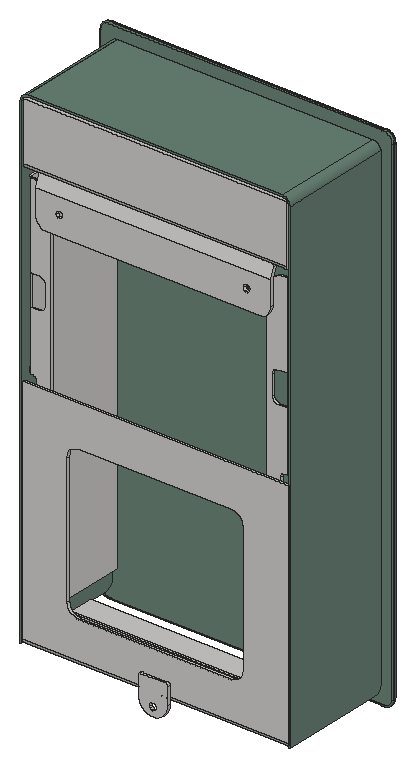
Revit family "DAN DRYER 4116", category Casework, host Wall, Revit 2018
Family settings
  Host = Wall
  OmniClass Number = 23.40.35.00
  OmniClass Title = Casework
  Always vertical = Yes
  Cut with Voids When Loaded = No
  Shared = No
  Room Calculation Point = No
Parameters (values of type "Type 1")
  URL = "https://www.dandryer.com/en-us/products/product-line-loki/4116-loki-sanitary-bin-11-l-optional-ral-classic"
  Surface = DD_RAL 6028 - Gloss 25
  Model = "DAN DRYER Hygiejnespand 11 L 4116"
  Manufacturer = "DAN DRYER A/S"
Reference planes
  plane 1: y = 0
  plane 2 "Center (Left/Right)": x = 125
  plane 3 "Back": y = 75
Text (mm)
  text "Placement side" at (-1343.702, 674.496, 0), in view "Ref. Level"
  text "Placement side" at (0, 1232.041, 2958.779), in view "Left"
  text "Placement side" at (0, 590.385, 3035.99), in view "Right"
Dimensions and locks
  locked: plane 3 "Back" to host wall at 0
  aligned and locked: plane 1 to host wall
  aligned and locked: nested 1 to plane 2 "Center (Left/Right)"
  aligned and locked: plane 3 "Back" to nested 1
Nested families
  nested 1: "DAN DRYER 4116" at (125, 77, 500) x (-1, 0, 0) z (0, 0, 1), type "DAN DRYER 4116-LOKI"
Definition of nested family "DAN DRYER 4116"
  Parameters (values of type "DAN DRYER 4116-LOKI")
    Width = 490.818 mm
    Shield = none
    Height = 1284.266 mm
    Depth = 313.871 mm
    Backplate = none
  Reference planes
    plane 1 "Center (Front/Back)": y = 0
    plane 2: z = 0
    plane 3 "Center (Left/Right)": x = 0
    plane 4: z = -28.007
  Forms (mm)
    Extrusion 1, solid, material <- "Shield"
      sketch origin (0, 0, 0) x (1, 0, 0) y (0, 0, 1)
        loop
          line (115, -210) -> (115, 203.5)
          arc (115, 203.5) -> (113.096, 208.096) -> (108.5, 210) r 6.5
          line (108.5, 210) -> (-108.5, 210)
          arc (-108.5, 210) -> (-113.096, 208.096) -> (-115, 203.5) r 6.5
          line (-115, 203.5) -> (-115, -210) -> (-113.5, -210) -> (-113.5, 203.5)
          arc (-113.5, 203.5) -> (-112.036, 207.036) -> (-108.5, 208.5) r 5
          line (-108.5, 208.5) -> (108.5, 208.5)
          arc (108.5, 208.5) -> (112.036, 207.036) -> (113.5, 203.5) r 5
          line (113.5, 203.5) -> (113.5, -210) -> (115, -210)
      from 0 to 96
    Extrusion 2, void
      sketch origin (0, 0, 0) x (0, 1, 0) y (0, 0, 1)
        loop
          line (-96.943, -203) -> (-96.943, -213.536) -> (-89, -213.536) -> (-89, -210)
          arc (-89, -210) -> (-93.95, -207.95) -> (-96, -203) r 7
          line (-96, -203) -> (-96.943, -203)
      from -116.887 to 116.939
    Extrusion 3, solid, material <- "Backplate"
      sketch origin (0, 0, 0) x (0, 1, 0) y (0, 0, 1)
        loop
          line (0, -10) -> (-2, -10) -> (-2, -207)
          arc (-2, -207) -> (-2.293, -207.707) -> (-3, -208) r 1
          line (-3, -208) -> (-72, -208) -> (-72, -210) -> (-3, -210)
          arc (-3, -210) -> (-0.879, -209.121) -> (0, -207) r 3
          line (0, -207) -> (0, -10)
      from -113.5 to 113.5
    Extrusion 4, void
      sketch origin (0, 0, 0) x (1, 0, 0) y (0, 0, 1)
        loop
          line (65, -45) -> (-65, -45)
          arc (-65, -45) -> (-72.071, -47.929) -> (-75, -55) r 10
          line (-75, -55) -> (-75, -165)
          arc (-75, -165) -> (-72.071, -172.071) -> (-65, -175) r 10
          line (-65, -175) -> (65, -175)
          arc (65, -175) -> (72.071, -172.071) -> (75, -165) r 10
          line (75, -165) -> (75, -55)
          arc (75, -55) -> (72.071, -47.929) -> (65, -45) r 10
      from 0 to 2
    Extrusion 5, solid, material <- "Backplate"
      sketch origin (0, 0, 0) x (1, 0, 0) y (0, 1, 0)
        loop
          line (-110.5, -6.443) -> (-109.5, -5.443) -> (109.5, -5.443) -> (110.5, -6.443) -> (110.5, -96.943) -> (112, -96.943) -> (112, -6.443) -> (109.5, -3.943) -> (-109.5, -3.943) -> (-112, -6.443) -> (-112, -96.943) -> (-110.5, -96.943) -> (-110.5, -6.443)
      from -195 to 145
    Extrusion 6, void
      sketch origin (0, 0, 0) x (1, 0, 0) y (0, 0, 1)
        loop
          arc (-106.929, 145) -> (-96.323, 140.607) -> (-91.929, 130) r 15
          line (-91.929, 130) -> (-91.929, -175) -> (92, -175) -> (92, 130)
          arc (92, 130) -> (96.393, 140.607) -> (107, 145) r 15
          line (107, 145) -> (-106.929, 145)
        loop
          arc (-101.656, 45.941) -> (-98.12, 47.405) -> (-96.656, 50.941) r 5
          line (-96.656, 50.941) -> (-96.656, 67.513)
          arc (-96.656, 67.513) -> (-98.12, 71.049) -> (-101.656, 72.513) r 5
          line (-101.656, 72.513) -> (-109.5, 72.513) -> (-109.5, 45.941) -> (-101.656, 45.941)
        loop
          line (101.656, 45.941) -> (109.5, 45.941) -> (109.5, 72.513) -> (101.656, 72.513)
          arc (101.656, 72.513) -> (98.12, 71.049) -> (96.656, 67.513) r 5
          line (96.656, 67.513) -> (96.656, 50.941)
          arc (96.656, 50.941) -> (98.12, 47.405) -> (101.656, 45.941) r 5
        loop
          arc (-104, -8) -> (-104.879, -5.879) -> (-107, -5) r 3
          line (-107, -5) -> (-112, -5) -> (-112, -45) -> (-107, -45)
          arc (-107, -45) -> (-104.879, -44.121) -> (-104, -42) r 3
          line (-104, -42) -> (-104, -8)
        loop
          line (104, -8) -> (104, -42)
          arc (104, -42) -> (104.879, -44.121) -> (107, -45) r 3
          line (107, -45) -> (112, -45) -> (112, -5) -> (107, -5)
          arc (107, -5) -> (104.879, -5.879) -> (104, -8) r 3
      from 0 to 26.932
    Extrusion 7, solid, material <- "Backplate"
      sketch origin (0, 0, 0) x (0, 1, 0) y (0, 0, 1)
        loop
          arc (-2.5, 207) -> (-1.793, 206.707) -> (-1.5, 206) r 1
          line (-1.5, 206) -> (-1.5, 156)
          arc (-1.5, 156) -> (-1.793, 155.293) -> (-2.5, 155) r 1
          line (-2.5, 155) -> (-12, 155) -> (-12, 153.5) -> (-2.5, 153.5)
          arc (-2.5, 153.5) -> (-0.732, 154.232) -> (0, 156) r 2.5
          line (0, 156) -> (0, 206)
          arc (0, 206) -> (-0.732, 207.768) -> (-2.5, 208.5) r 2.5
          line (-2.5, 208.5) -> (-12, 208.5) -> (-12, 207) -> (-2.5, 207)
      from -111.679 to 111.75
    Extrusion 8, solid, material <- "Backplate"
      sketch origin (0, 0, 0) x (0, 1, 0) y (0, 0, 1)
        loop
          line (2, 112.598) -> (2, 142.951) -> (-1.9, 153.666) -> (-1.9, 169.313) -> (-3.9, 169.313) -> (-3.9, 153.313) -> (0, 142.598) -> (0, 112.598) -> (2, 112.598)
      from -100 to 100
    Extrusion 9, void
      sketch origin (0, 0, 0) x (1, 0, 0) y (0, 0, 1)
        loop
          line (-102.12, 110.775) -> (102.88, 110.775) -> (102.88, 170.775) -> (-102.12, 170.775) -> (-102.12, 110.775)
        loop
          arc (-100, 122.598) -> (-97.071, 115.527) -> (-90, 112.598) r 10
          line (-90, 112.598) -> (90, 112.598)
          arc (90, 112.598) -> (97.071, 115.527) -> (100, 122.598) r 10
          line (100, 122.598) -> (100, 151.621)
          arc (100, 151.621) -> (99.45, 152.95) -> (98.121, 153.5) r 1.879
          line (98.121, 153.5) -> (90, 153.5) -> (90, 159.313)
          arc (90, 159.313) -> (87.071, 166.384) -> (80, 169.313) r 10
          line (80, 169.313) -> (60, 169.313)
          arc (60, 169.313) -> (52.929, 166.384) -> (50, 159.313) r 10
          line (50, 159.313) -> (50, 153.5) -> (-50, 153.5) -> (-50, 159.313)
          arc (-50, 159.313) -> (-52.929, 166.384) -> (-60, 169.313) r 10
          line (-60, 169.313) -> (-80, 169.313)
          arc (-80, 169.313) -> (-87.071, 166.384) -> (-90, 159.313) r 10
          line (-90, 159.313) -> (-90, 153.5) -> (-98.121, 153.5)
          arc (-98.121, 153.5) -> (-99.45, 152.95) -> (-100, 151.621) r 1.879
          line (-100, 151.621) -> (-100, 122.598)
        loop
          circle (-79.787, 129.484) r 2.981
        loop
          circle (79.787, 129.484) r 2.981
      from -4.385 to 8.214
    Extrusion 10, solid, material <- "Backplate"
      sketch origin (0, 0, 0) x (1, 0, 0) y (0, 0, 1)
        loop
          line (10.5, -196) -> (-10.5, -196)
          arc (-10.5, -196) -> (-11.914, -196.586) -> (-12.5, -198) r 2
          line (-12.5, -198) -> (-12.5, -213)
          arc (-12.5, -213) -> (0, -225.5) -> (12.5, -213) r 12.5
          line (12.5, -213) -> (12.5, -198)
          arc (12.5, -198) -> (11.914, -196.586) -> (10.5, -196) r 2
        loop
          circle (0, -217.939) r 2.974
      from -2 to 0
  Cuts and joins
    Extrusion 2 cuts Extrusion 1
    Extrusion 4 cuts Extrusion 3
    Extrusion 6 cuts Extrusion 5
    Extrusion 9 cuts Extrusion 8
  Dimensions and locks
    aligned and locked: level to plane 2
    aligned and locked: plane 3 "Center (Left/Right)" to nested 1
  Nested families
    nested 1: "Shield" at (0, -96.943, 0), type "Shield"
      with Width 250 mm, Insert visible no, Height 440 mm, Grove offset bottom 275 mm
  Definition of nested family "Shield"
    Parameters (values of type "Shield")
      Width = 131 mm
      Shield = none
      Insert visible = yes
      Insert = none
      Height = 300 mm
      Grove offset bottom = 24 mm
      Grove length = 136 mm
      Fillet = 8 mm
    Reference planes
      plane 1 "Center (Front/Back)": y = 0
      plane 2: z = 0
      plane 3 "Center (Left/Right)": x = 0
      plane 4: z = 150
      plane 5: z = -150
      plane 6: x = 65.5
      plane 7: x = -65.5
      plane 8: z = -126
      plane 9: z = 10
      plane 10: z = -129
      plane 11: z = 13
      plane 12: z = 17.7
    Forms (mm)
      Extrusion 1, solid, material <- "Shield"
        sketch origin (0, 0, 0) x (1, 0, 0) y (0, 0, 1)
          loop
            arc (-57.5, 150) -> (-63.157, 147.657) -> (-65.5, 142) r 8
            line (-65.5, 142) -> (-65.5, -142)
            arc (-65.5, -142) -> (-63.157, -147.657) -> (-57.5, -150) r 8
            line (-57.5, -150) -> (57.5, -150)
            arc (57.5, -150) -> (63.157, -147.657) -> (65.5, -142) r 8
            line (65.5, -142) -> (65.5, 142)
            arc (65.5, 142) -> (63.157, 147.657) -> (57.5, 150) r 8
            line (57.5, 150) -> (-57.5, 150)
          loop
            arc (-2.15, -126) -> (0, -128.15) -> (2.15, -126) r 2.15
            line (2.15, -126) -> (2.15, 10)
            arc (2.15, 10) -> (0, 12.15) -> (-2.15, 10) r 2.15
            line (-2.15, 10) -> (-2.15, -126)
        from 0 to 3
      Sweep 2, void
        path in 3D
          loop
            arc (-57.5, -3, 150) -> (-63.157, -3, 147.657) -> (-65.5, -3, 142) r 8
            line (-65.5, -3, 142) -> (-65.5, -3, -142)
            arc (-65.5, -3, -142) -> (-63.157, -3, -147.657) -> (-57.5, -3, -150) r 8
            line (-57.5, -3, -150) -> (57.5, -3, -150)
            arc (57.5, -3, -150) -> (63.157, -3, -147.657) -> (65.5, -3, -142) r 8
            line (65.5, -3, -142) -> (65.5, -3, 142)
            arc (65.5, -3, 142) -> (63.157, -3, 147.657) -> (57.5, -3, 150) r 8
            line (57.5, -3, 150) -> (-57.5, -3, 150)
        profile origin (0, -3, 150) x (0, -1, 0) y (0, 0, 1)
          loop
            line (0, 0) -> (-1, 0)
            arc (-1, 0) -> (-0.293, -0.293) -> (0, -1) r 1
            line (0, -1) -> (0, 0)
          loop
            line (-3, 0) -> (-3, -1)
            arc (-3, -1) -> (-2.707, -0.293) -> (-2, 0) r 1
            line (-2, 0) -> (-3, 0)
      Extrusion 3, solid, material <- "Insert", visible <- "Insert visible"
        sketch origin (0, 95.437, 0) x (1, 0, 0) y (0, 1, 0)
          loop
            line (-6.9, -94.3) -> (-6.9, -95.437) -> (6.9, -95.437) -> (6.9, -94.3) -> (-6.9, -94.3)
        from -129 to 13
      Extrusion 4, solid, material <- "Insert", visible <- "Insert visible"
        sketch origin (0, 95.437, 0) x (1, 0, 0) y (0, 1, 0)
          loop
            circle (0, -91.751) r 3.489
          loop
            circle (0, -91.751) r 2.544
        from -129 to 17.7
      Extrusion 5, solid, material <- "Insert", visible <- "Insert visible"
        sketch origin (0, 0, 0) x (1, 0, 0) y (0, 0, 1)
          loop
            arc (-1.9, -126) -> (0, -127.9) -> (1.9, -126) r 1.9
            line (1.9, -126) -> (1.9, 10)
            arc (1.9, 10) -> (0, 11.9) -> (-1.9, 10) r 1.9
            line (-1.9, 10) -> (-1.9, -126)
        from 0 to 2.5
    Cuts and joins
      Sweep 2 cuts Extrusion 1
      joined: Extrusion 3, Extrusion 4
    Lines and regions (mm)
      sketch lines
        curve 1: line (57.5, -3, 150) -> (-57.5, -3, 150)
        curve 2: arc (57.5, -3, 150) -> (63.157, -3, 147.657) -> (65.5, -3, 142) r 8
        curve 3: line (65.5, -3, -142) -> (65.5, -3, 142)
        curve 4: arc (-65.5, -3, 142) -> (-63.157, -3, 147.657) -> (-57.5, -3, 150) r 8
        curve 5: line (-65.5, -3, 142) -> (-65.5, -3, -142)
        curve 6: arc (-57.5, -3, -150) -> (-63.157, -3, -147.657) -> (-65.5, -3, -142) r 8
        curve 7: line (-57.5, -3, -150) -> (57.5, -3, -150)
        curve 8: arc (65.5, -3, -142) -> (63.157, -3, -147.657) -> (57.5, -3, -150) r 8
    Dimensions and locks
      equal spacing: plane 4, level, plane 5
      "Height": plane 4 to plane 5
      equal spacing: plane 6, plane 3 "Center (Left/Right)", plane 7
      "Width": plane 6 to plane 7
      "Grove length": plane 9 to plane 8
      "Grove offset bottom": plane 8 to plane 5
      locked: plane 10 to plane 8 at 3
      locked: plane 9 to plane 11 at 3
      locked: plane 11 to plane 12 at 4.7
      "Fillet": radius of Extrusion 1 sketch curve  (x4)
      aligned and locked: level to plane 2
      aligned and locked: Extrusion 1 sketch curve to plane 6
      aligned and locked: plane 7 to Extrusion 1 sketch curve
      aligned and locked: plane 5 to Extrusion 1 sketch curve
      aligned and locked: Extrusion 1 sketch curve to plane 4
      aligned and locked: Extrusion 3 to plane 10
      aligned and locked: Extrusion 3 to plane 11
      aligned and locked: Extrusion 4 to plane 10
      aligned and locked: Extrusion 4 to plane 12
    Automatic sketch dimensions
      Sweep 2 sketch curve to profile plane = 0 mm  (x3)
      profile plane to Sweep 2 sketch curve = 1 mm
      Sweep 2 sketch curve to Sweep 2 sketch curve = 1 mm  (x2)
      Extrusion 3 sketch curve to plane 3 "Center (Left/Right)" = 6.9 mm
      plane 3 "Center (Left/Right)" to Extrusion 3 sketch curve = 6.9 mm
      plane 1 "Center (Front/Back)" to Extrusion 3 sketch curve = 0 mm
      Extrusion 3 sketch curve to Extrusion 3 sketch curve = 1.137 mm
      Extrusion 4 sketch curve to Extrusion 4 sketch curve = 0 mm  (x2)
      Extrusion 4 sketch curve to plane 3 "Center (Left/Right)" = 0 mm
      Extrusion 4 sketch curve to plane 1 "Center (Front/Back)" = 3.686 mm
      Extrusion 5 sketch curve to plane 9 = 0 mm
      Extrusion 5 sketch curve to plane 8 = 0 mm
      Extrusion 5 sketch curve to plane 3 "Center (Left/Right)" = 0 mm
      Extrusion 5 sketch curve to plane 3 "Center (Left/Right)" = 1.9 mm
      Extrusion 1 sketch curve to plane 9 = 0 mm
      Extrusion 1 sketch curve to plane 8 = 0 mm
      Extrusion 1 sketch curve to plane 3 "Center (Left/Right)" = 0 mm
      Extrusion 1 sketch curve to Extrusion 1 sketch curve = 2.15 mm
      radius of Extrusion 4 sketch curve = 2.544 mm
      radius of Extrusion 4 sketch curve = 3.489 mm
